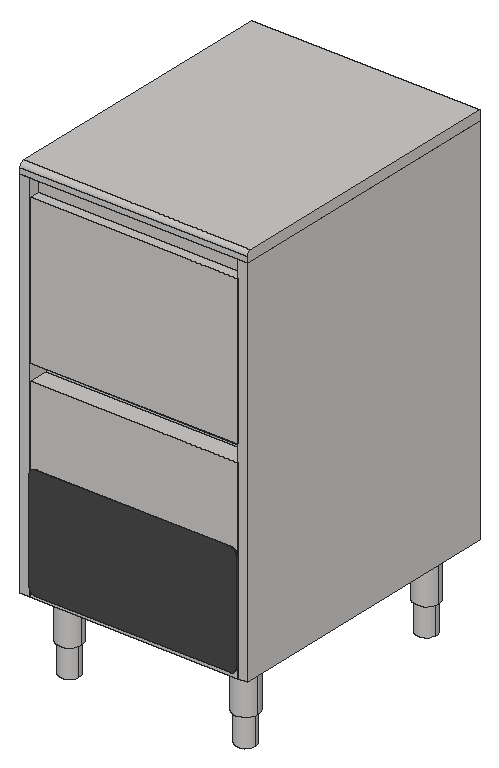
Revit family "QF_ELECTROLUXPROFESSIONAL_730341_ICB37I20SNPUK", category Attrezzature speciali, Revit 2018
Family settings
  Quota connettore circolare = Usa diametro
  Tipo di parte = Normale
  Basato su piano di lavoro = No
  Sempre verticale = Sì
  Taglio con vuoti quando caricato = No
  Condiviso = No
  Punto di calcolo locali = No
Parameters (values of type "Standard")
  Weight = 45.00 kg
  Watts = 0 W
  Volts = 230 V
  URL Manufacturer = "https://www.electroluxprofessional.com/"
  URL = "https://www.electroluxprofessional.com/"
  Steam Supply Size = 0 mm
  Steam Supply Minimum Pressure = 0.0 Pa
  Steam Supply Maximum Pressure = 0.0 Pa
  Steam Pounds per Hour = 0
  Show Logo [instance] = yes
  Show Clearance [instance] = yes
  Refrigeration Suction Line Size = 0 mm
  Refrigeration Liquid Line Size = 0 mm
  Refrigerant Compressor Remote = yes
  Produttore = "Electrolux Professional"
  Phase = 1
  Modello = "ICB37I20SNPUK"
  Length Actual = 465 mm  # constant formula
  Item Number = "730341"
  Hot Water Size = 0 mm
  Height Actual = 894 mm  # constant formula
  HP = "0 HP"
  Gas Size = 0 mm
  Gas KW = 0
  Gas Input Pressure = 0 W
  Descrizione = "AIR COOLED ICE CUBER 22GR 37KG/24H-BIN 20KG - UK"
  Depth Actual = 595 mm  # constant formula
  Cycle = 50 Hz
  Condensate Return Size = 0 mm
  Compressed Air Volume = 0.0 L/s
  Compressed Air Size = 0 mm
  Compressed Air Pressure = 0.0 Pa
  Cold Water Size = 19.05 mm
  Accessory = yes
Reference planes
  plane 1 "Center X": y = 272.851
  plane 2: z = 0
  plane 3 "Center Y": x = -501.5
  plane 4 "LEFT": x = -734
  plane 5 "RIGHT": x = -269
  plane 6 "FRONT": y = -24.149
  plane 7 "BACK": y = 569.851
  plane 8: z = 155
  plane 9: z = 944
  plane 10: z = 924
  plane 11: x = -714
  plane 12: x = -289
  plane 13: y = 15.851
Forms (mm)
  Extrusion 1, solid, material "QF_Finishes_Black"
    sketch origin (-217.296, -24.149, 371.513) x (-1, 0, 0) y (0, 0, -1)
      loop
        arc (481.704, -21.487) -> (492.311, -17.093) -> (496.704, -6.487) r 15
        line (496.704, -6.487) -> (496.704, 194.469)
        arc (496.704, 194.469) -> (492.311, 205.075) -> (481.704, 209.469) r 15
        line (481.704, 209.469) -> (86.704, 209.469)
        arc (86.704, 209.469) -> (76.097, 205.075) -> (71.704, 194.469) r 15
        line (71.704, 194.469) -> (71.704, -6.487)
        arc (71.704, -6.487) -> (76.097, -17.093) -> (86.704, -21.487) r 15
        line (86.704, -21.487) -> (481.704, -21.487)
    from 0 to 2
  Extrusion 2, solid, material "QF_Finishes_Stainless Steel"
    sketch origin (-501.5, 0, 0) x (0, 1, 0) y (0, 0, 1)
      loop
        line (569.851, 924) -> (569.851, 944) -> (-14.149, 944)
        arc (-14.149, 944) -> (-21.22, 941.071) -> (-24.149, 934) r 10
        line (-24.149, 934) -> (-24.149, 924) -> (569.851, 924)
    from -232.5 to 232.5
  Extrusion 3, solid, material "QF_Finishes_Stainless Steel"
    sketch origin (-321.2, 569.851, -329.545) x (1, 0, 0) y (0, 0, -1)
      loop
        circle (-16.8, -655.545) r 10
    from 0 to 10
  Extrusion 4, solid, material "QF_Finishes_Stainless Steel"
    sketch origin (0, 0, 0) x (1, 0, 0) y (0, 1, 0)
      loop
        line (-734, 569.851) -> (-734, -24.149) -> (-714, -24.149) -> (-714, 569.851) -> (-734, 569.851)
    from 155 to 924
  Extrusion 5, solid, material "QF_Finishes_Stainless Steel"
    sketch origin (0, 0, 0) x (1, 0, 0) y (0, 1, 0)
      loop
        line (-289, 569.851) -> (-289, -24.149) -> (-269, -24.149) -> (-269, 569.851) -> (-289, 569.851)
    from 155 to 924
  Extrusion 6, solid, material "QF_Finishes_Stainless Steel"
    sketch origin (0, 0, 0) x (1, 0, 0) y (0, 1, 0)
      loop
        line (-714, 569.851) -> (-714, 15.851) -> (-289, 15.851) -> (-289, 569.851) -> (-714, 569.851)
    from 155 to 924
  Extrusion 7, solid, material "QF_Finishes_Stainless Steel"
    sketch origin (0, 0, 0) x (1, 0, 0) y (0, 1, 0)
      loop
        line (-714, -24.149) -> (-289, -24.149) -> (-289, 15.851) -> (-714, 15.851) -> (-714, -24.149)
    from 155 to 550.848
  Extrusion 8, solid, material "QF_Finishes_Stainless Steel"
    sketch origin (-501.5, 0, 0) x (0, 1, 0) y (0, 0, 1)
      loop
        line (15.851, 924) -> (-4.149, 924) -> (-4.149, 888) -> (-24.149, 888) -> (-24.149, 584.768) -> (-4.149, 584.768) -> (-4.149, 569) -> (15.851, 569) -> (15.851, 924)
    from -212.5 to 212.5
  Extrusion 9, solid, material "QF_Finishes_Stainless Steel"
    sketch origin (-303.2, 569.851, -440.545) x (1, 0, 0) y (0, 0, -1)
      loop
        circle (-16.8, -655.545) r 10
    from 0 to 10
  Extrusion 10, solid, material "QF_Finishes_Stainless Steel"
    sketch origin (-363.2, 569.851, -361.545) x (1, 0, 0) y (0, 0, -1)
      loop
        circle (-16.8, -655.545) r 10
    from 0 to 10
Lines and regions (mm)
  Split face 1
    outline origin (-501.5, -4.149, 924) x (0, 0, -1) y (1, 0, 0)
      loop
        line (5.715, 89.928) -> (30.715, 89.928) -> (30.715, 129.928) -> (5.715, 129.928) -> (5.715, 89.928)
  symbolic lines
    curve 1: line (-734, 569.851, 0) -> (-269, 569.851, 0)
    curve 2: line (-734, -24.149, 0) -> (-734, 569.851, 0)
    curve 3: line (-269, -24.149, 0) -> (-734, -24.149, 0)
    curve 4: line (-269, 569.851, 0) -> (-269, -24.149, 0)
Dimensions and locks
  equal spacing: plane 4 "LEFT", plane 3 "Center Y", plane 5 "RIGHT"
  plane 4 "LEFT" to plane 5 "RIGHT" = 465 mm
  equal spacing: plane 7 "BACK", plane 1 "Center X", plane 6 "FRONT"
  plane 7 "BACK" to plane 6 "FRONT" = 594 mm
  plane 8 to plane 2 = 155 mm
  plane 9 to plane 8 = 789 mm
  locked: plane 4 "LEFT" to plane 11 at 20
  locked: plane 12 to plane 5 "RIGHT" at 20
  locked: plane 9 to plane 10 at 20
  locked: plane 13 to plane 6 "FRONT" at 40
  aligned and locked: level to plane 2
  aligned and locked: plane 5 "RIGHT" to Extrusion 2
  aligned and locked: Extrusion 2 to plane 4 "LEFT"
  aligned and locked: Extrusion 4 sketch curve to Extrusion 2  (x2)
  aligned and locked: plane 6 "FRONT" to Extrusion 4 sketch curve
  aligned and locked: Extrusion 4 sketch curve to plane 11
  aligned and locked: Extrusion 5 sketch curve to plane 7 "BACK"
  aligned and locked: plane 12 to Extrusion 5 sketch curve
  aligned and locked: Extrusion 5 sketch curve to Extrusion 2  (x2)
  aligned and locked: plane 10 to Extrusion 4
  aligned and locked: plane 10 to Extrusion 5
  aligned and locked: Extrusion 4 to plane 8
  aligned and locked: Extrusion 5 to plane 8
  aligned and locked: Extrusion 6 sketch curve to Extrusion 4
  aligned and locked: Extrusion 4 to Extrusion 6 sketch curve
  aligned and locked: plane 13 to Extrusion 6 sketch curve
  aligned and locked: Extrusion 6 sketch curve to plane 12
  aligned and locked: plane 10 to Extrusion 6
  aligned and locked: Extrusion 6 to plane 8
  aligned and locked: Extrusion 4 to Extrusion 7 sketch curve
  aligned and locked: Extrusion 7 sketch curve to Extrusion 4
  aligned and locked: plane 13 to Extrusion 7 sketch curve
  aligned and locked: plane 12 to Extrusion 7 sketch curve
  aligned and locked: Extrusion 7 to plane 8
  aligned and locked: plane 12 to Extrusion 8
  aligned and locked: Extrusion 8 to plane 11
Automatic sketch dimensions
  curve 3 to plane 4 "LEFT" = 0 mm
  curve 3 to plane 5 "RIGHT" = 0 mm
  curve 3 to plane 6 "FRONT" = 0 mm
  curve 2 to plane 7 "BACK" = 0 mm
  Extrusion 1 sketch curve to plane 12 = 0 mm
  plane 8 to Extrusion 1 sketch curve = 7.044 mm
  Extrusion 1 sketch curve to Extrusion 1 sketch curve = 15 mm  (x3)
  plane 11 to Extrusion 1 sketch curve = 15 mm  (x2)
  Extrusion 1 sketch curve to Extrusion 1 sketch curve = 200.956 mm
  Extrusion 2 sketch curve to plane 6 "FRONT" = 0 mm
  Extrusion 2 sketch curve to plane 9 = 0 mm
  Extrusion 2 sketch curve to plane 7 "BACK" = 0 mm
  Extrusion 2 sketch curve to plane 10 = 0 mm
  plane 6 "FRONT" to Extrusion 2 sketch curve = 10 mm
  Extrusion 6 to Extrusion 3 sketch curve = 171 mm
  Extrusion 3 sketch curve to Extrusion 6 = 49 mm
  Extrusion 8 sketch curve to plane 6 "FRONT" = 0 mm
  Extrusion 8 sketch curve to plane 10 = 0 mm
  Extrusion 8 sketch curve to plane 13 = 0 mm
  plane 6 "FRONT" to Extrusion 8 sketch curve = 20 mm  (x2)
  Extrusion 8 sketch curve to plane 10 = 36 mm
  Extrusion 8 sketch curve to Extrusion 8 sketch curve = 303.232 mm
  Extrusion 8 sketch curve to Extrusion 8 sketch curve = 15.768 mm
  Split face 1 sketch curve to Extrusion 8 = 5.715 mm
  Extrusion 8 to Split face 1 sketch curve = 5.285 mm
  Split face 1 sketch curve to Extrusion 8 = 122.572 mm
  Split face 1 sketch curve to Split face 1 sketch curve = 40 mm
  Extrusion 9 sketch curve to Extrusion 6 = 31 mm
  Extrusion 6 to Extrusion 9 sketch curve = 60 mm
  Extrusion 10 sketch curve to Extrusion 6 = 91 mm
  Extrusion 6 to Extrusion 10 sketch curve = 139 mm
  radius of Extrusion 3 sketch curve = 10 mm
  radius of Extrusion 9 sketch curve = 10 mm
  radius of Extrusion 10 sketch curve = 10 mm
Nested families
  nested 1: "Foot_Complete" at (-682, 36.851, 0), type "Foot_Complete"
    with H 155 mm
  nested 2: "Foot_Complete" at (-321, 36.851, 0) x (-1, 0, 0) z (0, 0, 1), type "Foot_Complete"
    with H 155 mm
  nested 3: "Foot_Complete" at (-682, 498.851, 0), type "Foot_Complete"
    with H 155 mm
  nested 4: "Foot_Complete" at (-321, 498.851, 0) x (-1, 0, 0) z (0, 0, 1), type "Foot_Complete"
    with H 155 mm
Connectors
  electrical at (-320, 579.851, 215), driven by "Volts"
    settings: on Extrusion 9, index 1, voltage 230 V, apparent load 0 VA, apparent load phase1 0 VA, apparent load phase2 0 VA, apparent load phase3 0 VA, power factor 1, load classification "Altro", number of poles 1, system type 30, power factor state 1, is connector primary yes, connector utility no, sub classification motor no, connector description "Electrical Connection"
  piping at (-338, 579.851, 326), diameter 20
    settings: on Extrusion 3, index 2, connector inside diameter 609.6 mm, connector length 0 mm, flow factor 0, pipe flow 0.0 L/s, pressure drop 0.0 Pa, fitting loss kfactor 0, connector angle 0.00°, fixture units 0, engagement length 0 mm, angle of deflection 0.00°, flow configuration 0, flow direction 0, fitting loss method 0, system type 20, joint type 0, gender type 0, connector reference index -1, connector utility 0, adjustable connector no, is connector primary yes, connector description "Cold water"
  piping at (-380, 579.851, 294), diameter 20
    settings: on Extrusion 10, index 3, connector inside diameter 609.6 mm, connector length 0 mm, flow factor 0, pipe flow 0.0 L/s, pressure drop 0.0 Pa, fitting loss kfactor 0, connector angle 0.00°, fixture units 0, engagement length 0 mm, angle of deflection 0.00°, flow configuration 0, flow direction 0, fitting loss method 0, system type 16, joint type 0, gender type 0, connector reference index -1, connector utility 0, adjustable connector no, is connector primary no, connector description "Drain"
Definition of nested family "Foot_Complete"
  Parameters (values of type "Foot_Complete")
    R = 25 mm
    H = 153 mm
  Reference planes
    plane 1 "Centro (Fronte/Retro)": y = 0
    plane 2: z = 0
    plane 3 "Centro (Sinistra/Destra)": x = 0
    plane 4: z = 153
  Forms (mm)
    Revolve 1, solid
      sketch origin (255.05, 0, 608.09) x (0, 0, 1) y (-1, 0, 0)
        loop
          line (-608.09, 255.05) -> (-608.09, 235.05) -> (-548.09, 235.05) -> (-548.09, 230.05) -> (-455.09, 230.05) -> (-455.09, 255.05) -> (-608.09, 255.05)
        axis (-608.09, 255.05) -> (-455.09, 255.05)
      angle from 0 to 360
  Dimensions and locks
    level to Revolve 1 sketch curve = 60 mm
    "R": Revolve 1 sketch curve to plane 3 "Centro (Sinistra/Destra)"
    "H": plane 4 to level
    aligned and locked: level to plane 2
    aligned and locked: plane 4 to Revolve 1 sketch curve
    aligned and locked: Revolve 1 sketch curve to level
    aligned and locked: plane 3 "Centro (Sinistra/Destra)" to Revolve 1 sketch curve
  Automatic sketch dimensions
    Revolve 1 sketch curve to plane 3 "Centro (Sinistra/Destra)" = 0 mm
    plane 3 "Centro (Sinistra/Destra)" to Revolve 1 sketch curve = 20 mm
    Revolve 1 sketch curve to Revolve 1 sketch curve = 50 mm
    Revolve 1 sketch curve to Revolve 1 sketch curve = 20 mm
